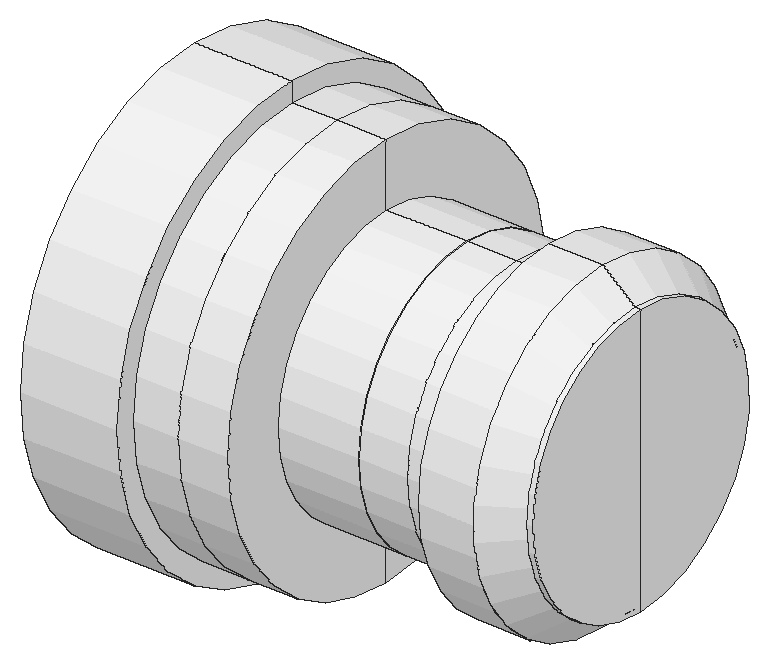
Revit family "HL_Переходник_HL9", category Pipe Fittings, Revit 2016
Family settings
  Part Type = Union
  Round Connector Dimension = Use Diameter
  OmniClass Number = 23.60.30.11.14
  OmniClass Title = Pipework Fittings
  Work Plane-Based = No
  Always vertical = Yes
  Cut with Voids When Loaded = No
  Shared = No
Parameters (values of type "HL9_50")
  РАЗМЕР = "DN50"
  ПРАВОВАЯ ИНФОРМАЦИЯ = "\"Авторские права(©), права на дизайн или какие либо другие права интелектуальной собственности являются исключительной собственностью компании HL Hutterer & Lechner. Изменению не подлежит. Файл семейства с данными о прозводителе изделия защищен паролем с водяным знаком.\""
  НОМИНАЛЬНЫЙ ДИАМЕТР = 50 mm
  МАТЕРИАЛ = "PP"
  ВЕС = "0,129 kg"
  b2 [instance] = if(Oбратное направление, size_lookup(Lookup Table Name, "b1", 0 mm, НОМИНАЛЬНЫЙ ДИАМЕТР), size_lookup(Lookup Table Name, "b2", 0 mm, НОМИНАЛЬНЫЙ ДИАМЕТР))  # 10 mm
  a2 [instance] = if(Oбратное направление, size_lookup(Lookup Table Name, "a1", 0 mm, НОМИНАЛЬНЫЙ ДИАМЕТР), size_lookup(Lookup Table Name, "a2", 0 mm, НОМИНАЛЬНЫЙ ДИАМЕТР))  # 0 mm
  X2 [instance] = if(Oбратное направление, size_lookup(Lookup Table Name, "X1", 0 mm, НОМИНАЛЬНЫЙ ДИАМЕТР), size_lookup(Lookup Table Name, "X2", 0 mm, НОМИНАЛЬНЫЙ ДИАМЕТР))  # 27.3 mm
  X1 [instance] = if(Oбратное направление, size_lookup(Lookup Table Name, "X2", 0 mm, НОМИНАЛЬНЫЙ ДИАМЕТР), size_lookup(Lookup Table Name, "X1", 0 mm, НОМИНАЛЬНЫЙ ДИАМЕТР))  # 35.5 mm
  WT2 [instance] = if(Oбратное направление, size_lookup(Lookup Table Name, "WT1", 0 mm, НОМИНАЛЬНЫЙ ДИАМЕТР), size_lookup(Lookup Table Name, "WT2", 0 mm, НОМИНАЛЬНЫЙ ДИАМЕТР))  # 35 mm
  WT1 [instance] = if(Oбратное направление, size_lookup(Lookup Table Name, "WT2", 0 mm, НОМИНАЛЬНЫЙ ДИАМЕТР), size_lookup(Lookup Table Name, "WT1", 0 mm, НОМИНАЛЬНЫЙ ДИАМЕТР))  # 40.1 mm
  Manufacturer = "HL Hutterer & Lechner GmbH"
  V2 [instance] = if(Oбратное направление, size_lookup(Lookup Table Name, "V1", 0 mm, НОМИНАЛЬНЫЙ ДИАМЕТР), size_lookup(Lookup Table Name, "V2", 0 mm, НОМИНАЛЬНЫЙ ДИАМЕТР))  # 32.7 mm
  V1 [instance] = if(Oбратное направление, size_lookup(Lookup Table Name, "V2", 0 mm, НОМИНАЛЬНЫЙ ДИАМЕТР), size_lookup(Lookup Table Name, "V1", 0 mm, НОМИНАЛЬНЫЙ ДИАМЕТР))  # 44 mm
  URL = "http://www.hutterer-lechner.com/ru/products/catalog/roof-drains/HL9/50.aspx"
  T2 [instance] = if(Oбратное направление, size_lookup(Lookup Table Name, "T1", 0 mm, НОМИНАЛЬНЫЙ ДИАМЕТР), size_lookup(Lookup Table Name, "T2", 0 mm, НОМИНАЛЬНЫЙ ДИАМЕТР))  # 11 mm
  T1 [instance] = if(Oбратное направление, size_lookup(Lookup Table Name, "T2", 0 mm, НОМИНАЛЬНЫЙ ДИАМЕТР), size_lookup(Lookup Table Name, "T1", 0 mm, НОМИНАЛЬНЫЙ ДИАМЕТР))  # 19.5 mm
  S2 [instance] = if(Oбратное направление, size_lookup(Lookup Table Name, "S1", 0 mm, НОМИНАЛЬНЫЙ ДИАМЕТР), size_lookup(Lookup Table Name, "S2", 0 mm, НОМИНАЛЬНЫЙ ДИАМЕТР))  # 1.2 mm
  S1 [instance] = if(Oбратное направление, size_lookup(Lookup Table Name, "S2", 0 mm, НОМИНАЛЬНЫЙ ДИАМЕТР), size_lookup(Lookup Table Name, "S1", 0 mm, НОМИНАЛЬНЫЙ ДИАМЕТР))  # 1.5 mm
  Description = "Переходник DN50 ПП/ПВХ на чугун/свинец"
  Oбратное направление [instance] = no
  N2 [instance] = if(Oбратное направление, size_lookup(Lookup Table Name, "N1", 0 mm, НОМИНАЛЬНЫЙ ДИАМЕТР), size_lookup(Lookup Table Name, "N2", 0 mm, НОМИНАЛЬНЫЙ ДИАМЕТР))  # 7.6 mm
  N1 [instance] = if(Oбратное направление, size_lookup(Lookup Table Name, "N2", 0 mm, НОМИНАЛЬНЫЙ ДИАМЕТР), size_lookup(Lookup Table Name, "N1", 0 mm, НОМИНАЛЬНЫЙ ДИАМЕТР))  # 1.5 mm
  Model = "HL9/50"
  материал = Plactic - White
  Loss Method = K Coefficient from Table
  K Coefficient Table = "Reducer/Coupling/Union/Increaser"
  Lookup Table Name = "HL9_50"
  Type Comments = "Переходник DN50 ПП/ПВХ на чугун/свинец"
  Keynote = "HL9/50"
  K2 [instance] = WT2 / 2  # 17.5 mm
  K1 [instance] = WT1 / 2  # 20.05 mm
  L = 91.4 mm
  EAN = "9003076900954"
  D2 [instance] = if(Oбратное направление, size_lookup(Lookup Table Name, "D1", 0 mm, НОМИНАЛЬНЫЙ ДИАМЕТР), size_lookup(Lookup Table Name, "D2", 0 mm, НОМИНАЛЬНЫЙ ДИАМЕТР))  # 27.4 mm
  D1 [instance] = if(Oбратное направление, size_lookup(Lookup Table Name, "D2", 0 mm, НОМИНАЛЬНЫЙ ДИАМЕТР), size_lookup(Lookup Table Name, "D1", 0 mm, НОМИНАЛЬНЫЙ ДИАМЕТР))  # 40 mm
  b1 [instance] = if(Oбратное направление, size_lookup(Lookup Table Name, "b2", 0 mm, НОМИНАЛЬНЫЙ ДИАМЕТР), size_lookup(Lookup Table Name, "b1", 0 mm, НОМИНАЛЬНЫЙ ДИАМЕТР))  # 10 mm
  B [instance] = size_lookup(Lookup Table Name, "B", 0 mm, НОМИНАЛЬНЫЙ ДИАМЕТР)  # 27.4 mm
  a1 [instance] = if(Oбратное направление, size_lookup(Lookup Table Name, "a2", 0 mm, НОМИНАЛЬНЫЙ ДИАМЕТР), size_lookup(Lookup Table Name, "a1", 0 mm, НОМИНАЛЬНЫЙ ДИАМЕТР))  # 0 mm
Types (4, lengths in mm): name | РАЗМЕР | НОМИНАЛЬНЫЙ ДИАМЕТР | ВЕС | b2 | a2 | X2 | X1 | WT2 | WT1 | V2 | V1 | URL | T2 | T1 | S2 | Description | N2 | Model | Lookup Table Name | Type Comments | Keynote | K2 | K1 | L | EAN | D2 | D1 | b1 | B
  (no name) | "DN50" | 50 | "0,129 kg" | 10 | 0 | 27.3 | 35.5 | 35 | 40.1 | 32.7 | 44 | "http://www.hutterer-lechner.com/ru/products/catalog/roof-drains/HL9/50.aspx" | 11 | 19.5 | 1.2 | "Переходник DN50 ПП/ПВХ на чугун/свинец" | 7.6 | "HL9/50" | "HL9_50" | "Переходник DN50 ПП/ПВХ на чугун/свинец" | "HL9/50" | 17.5 | 20.05 | 91.4 | "9003076900954" | 27.4 | 40 | 10 | 27.4
  HL9_1 | "DN110" | 110 | "0,38 kg" | 9.3 | 2.5 | 58.1 | 62 | 70.4 | 62.5 | 63 | 70.5 | "http://www.hutterer-lechner.com/ru/products/catalog/roof-drains/HL9/1.aspx" | 13.3 | 19.2 | 2 | "Переходник DN110 ПП/ПВХ на чугун/свинец" | 6.7 | "HL9/1" | "HL9_1" | "Переходник DN110 ПП/ПВХ на чугун/свинец" | "HL9/1" | 35.2 | 31.25 | 159 | "9003076909100" | 58 | 66.5 | 9.3 | 55.5
  HL9_7 | "DN75" | 75 | "0,23 kg" | 9.1 | 2.5 | 40.5 | 45.3 | 65.6 | 56.3 | 44.9 | 53.8 | "http://www.hutterer-lechner.com/ru/products/catalog/roof-drains/HL9/7.aspx" | 10.8 | 19.5 | 1.7 | "Переходник DN75 ПП/ПВХ на чугун/свинец" | 7.2 | "HL9/7" | "HL9_7" | "Переходник DN75 ПП/ПВХ на чугун/свинец" | "HL9/7" | 32.8 | 28.15 | 139 | "9003076900978" | 40.4 | 49.8 | 10 | 37.9
  HL9_50 | "DN50" | 50 | "0,129 kg" | 10 | 0 | 27.3 | 35.5 | 35 | 40.1 | 32.7 | 44 | "http://www.hutterer-lechner.com/ru/products/catalog/roof-drains/HL9/50.aspx" | 11 | 19.5 | 1.2 | "Переходник DN50 ПП/ПВХ на чугун/свинец" | 7.6 | "HL9/50" | "HL9_50" | "Переходник DN50 ПП/ПВХ на чугун/свинец" | "HL9/50" | 17.5 | 20.05 | 91.4 | "9003076900954" | 27.4 | 40 | 10 | 27.4
Reference planes
  plane 1 "Center (Front/Back)": y = 0
  plane 2: z = 0
  plane 3 "Center (Left/Right)": x = 0
  plane 4: x = 53.85
  plane 5: x = 71.35
  plane 6: x = -20.05
  plane 7: x = 20.05
  plane 8: x = 36.35
  plane 9: z = 0
  plane 10 "excentircita 1": z = 0
  plane 11: y = 40
  plane 12: y = -40
  plane 13: y = 27.4
  plane 14: y = -27.4
  plane 15: z = 40
  plane 16: z = -40
  plane 17: z = 27.4
  plane 18: z = -27.4
Forms (mm)
  Revolve 1, solid, material "Plactic - White" <- "материал", detail levels fine
    sketch origin (0, 0, 0) x (1, 0, 0) y (0, 0, 1)
      loop
        line (36.35, 0) -> (36.35, -27.4) -> (46.35, -27.4) -> (52.75, -27.4) -> (52.75, -32.7) -> (63.75, -32.7) -> (70.15, -27.3) -> (71.35, -27.3) -> (71.35, 0) -> (36.35, 0)
      axis (36.35, 0) -> (71.35, 0)
    angle from 0 to 360
  Revolve 2, solid, material "Plactic - White" <- "материал", detail levels fine
    sketch origin (0, 0, 0) x (1, 0, 0) y (0, 0, 1)
      loop
        line (-20.05, 0) -> (-20.05, -35.5) -> (-18.55, -35.5) -> (-18.55, -44) -> (0.95, -44) -> (0.95, -40) -> (10.05, -40) -> (20.05, -40) -> (20.05, 0) -> (-20.05, 0)
      axis (-20.05, 0) -> (20.05, 0)
    angle from 0 to 360
  Blend 3, solid, material "Plactic - White" <- "материал", detail levels fine
    base sketch origin (20.05, 13.609, 1219.2) x (0, 1, 0) y (0, 0, 1)
      loop
        circle (-13.609, -1219.2) r 27.4
    top sketch origin (36.35, 13.609, 1219.2) x (0, 1, 0) y (0, 0, 1)
      loop
        circle (-13.609, -1219.2) r 27.4
    from 0 to 0
Lines and regions (mm)
  reference lines
    curve 1: line (0, 0, 0) -> (20.05, 0, 0)
    curve 2: line (0, 0, 0) -> (53.85, 0, 0)
  model lines, detail levels coarse+medium
    curve 3: line (0, 0, 0) -> (53.85, 0, 0)
    curve 6: line (0, 0, 40) -> (0, 0, -40)
    curve 7: line (53.85, 0, 27.4) -> (53.85, 0, -27.4)
  symbolic lines, detail levels coarse+medium
    curve 4: line (53.85, 27.4, 0) -> (53.85, -27.4, 0)
    curve 5: line (0, 40, 0) -> (0, -40, 0)
Dimensions and locks
  "L": plane 6 to plane 5
  "K1": plane 6 to plane 3 "Center (Left/Right)"
  "K2": plane 4 to plane 5
  "WT1": plane 6 to plane 7
  "WT2": plane 8 to plane 5
  "X2": plane 9 to Revolve 1 sketch curve
  "V2": curve 2 to Revolve 1 sketch curve
  "D2": curve 2 to Revolve 1 sketch curve
  "V1": plane 10 "excentircita 1" to Revolve 2 sketch curve
  "D1": plane 10 "excentircita 1" to Revolve 2 sketch curve
  "X1": plane 10 "excentircita 1" to Revolve 2 sketch curve
  "b1": plane 7 to Revolve 2 sketch curve
  "a1": Revolve 2 sketch curve to Revolve 2 sketch curve
  "S2": plane 5 to Revolve 1 sketch curve
  "N2": plane 5 to Revolve 1 sketch curve
  "T2": Revolve 1 sketch curve to Revolve 1 sketch curve
  "S1": Revolve 2 sketch curve to plane 6
  "N1": Revolve 2 sketch curve to plane 6
  "T1": Revolve 2 sketch curve to Revolve 2 sketch curve
  "b2": Revolve 1 sketch curve to plane 8
  "a2": Revolve 1 sketch curve to Revolve 1 sketch curve
  "D2": plane 13 to plane 1 "Center (Front/Back)"
  "D2": plane 14 to plane 1 "Center (Front/Back)"
  "D1": plane 1 "Center (Front/Back)" to plane 11
  "D1": plane 12 to plane 1 "Center (Front/Back)"
  "D1": plane 15 to level
  "D1": level to plane 16
  "D2": plane 17 to level
  "D2": level to plane 18
  "B": radius of Blend 3 sketch curve  (x2)
  aligned and locked: plane 8 to Blend 3
  aligned and locked: plane 3 "Center (Left/Right)" to curve 1
  aligned and locked: curve 2 to plane 9
  aligned and locked: plane 4 to curve 2
  aligned and locked: plane 3 "Center (Left/Right)" to curve 2
  aligned and locked: Revolve 1 sketch curve to plane 9  (x2)
  aligned and locked: plane 8 to Revolve 1 sketch curve
  aligned and locked: plane 5 to Revolve 1 sketch curve
  aligned and locked: plane 10 "excentircita 1" to Blend 3 sketch curve
  aligned and locked: plane 10 "excentircita 1" to Revolve 2 sketch curve
  aligned and locked: Revolve 2 sketch curve to plane 6
  aligned and locked: plane 7 to Revolve 2 sketch curve
  aligned and locked: Revolve 2 sketch curve to plane 10 "excentircita 1"
  aligned and locked: curve 1 to plane 10 "excentircita 1"
  aligned and locked: plane 4 to curve 3
  aligned and locked: plane 9 to curve 3
  aligned and locked: plane 10 "excentircita 1" to curve 3
  aligned and locked: plane 3 "Center (Left/Right)" to curve 3
  aligned and locked: plane 14 to curve 4
  aligned and locked: plane 13 to curve 4
  aligned and locked: curve 4 to plane 4
  aligned and locked: plane 11 to curve 5
  aligned and locked: plane 12 to curve 5
  aligned and locked: curve 5 to plane 3 "Center (Left/Right)"
  aligned and locked: plane 17 to curve 7
  aligned and locked: plane 18 to curve 7
  aligned and locked: plane 16 to curve 6
  aligned and locked: plane 15 to curve 6
  aligned and locked: curve 6 to plane 3 "Center (Left/Right)"
  aligned and locked: curve 7 to plane 4
Automatic sketch dimensions
  curve 1 to plane 7 = 0 mm
  Revolve 2 sketch curve to plane 6 = 10 mm
  Revolve 2 sketch curve to plane 8 = 6.957 mm
  Blend 3 sketch curve to plane 1 "Center (Front/Back)" = 0 mm  (x2)
  level to Blend 3 sketch curve = 0 mm
  Revolve 1 sketch curve to plane 8 = 3.769 mm
  Revolve 1 sketch curve to Revolve 1 sketch curve = 7.231 mm
Connectors
  piping at (0, 0, 0), diameter 50, driven by "НОМИНАЛЬНЫЙ ДИАМЕТР"
    settings: on curve 1, index 1, connector inside diameter 609.6 mm, connector length 0 mm, flow factor 0, pipe flow 0.0 L/s, pressure drop 0.0 Pa, fitting loss kfactor 0, connector angle 0.00°, fixture units 0, engagement length 0 mm, angle of deflection 0.00°, flow configuration 0, flow direction 0, fitting loss method 0, system type 28, joint type 0, gender type 0, connector reference index -1, connector utility 0, adjustable connector no, is connector primary yes, connector description ""
  piping at (53.85, 0, 0), diameter 50, driven by "НОМИНАЛЬНЫЙ ДИАМЕТР"
    settings: on curve 2, index 2, connector inside diameter 609.6 mm, connector length 0 mm, flow factor 0, pipe flow 0.0 L/s, pressure drop 0.0 Pa, fitting loss kfactor 0, connector angle 0.00°, fixture units 0, engagement length 0 mm, angle of deflection 0.00°, flow configuration 0, flow direction 0, fitting loss method 0, system type 28, joint type 0, gender type 0, connector reference index -1, connector utility 0, adjustable connector no, is connector primary no, connector description ""
